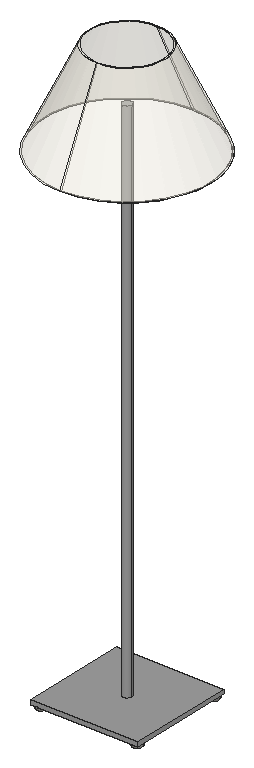
Revit family "M_Abajur de pé - De pé", category Luminárias, Revit 2019
Family settings
  Cota do conector redondo = Utilizar diâmetro
  Tipo de parte = Normal
  Número OmniClass = 23.80.70.11.11
  Título OmniClass = General Luminaries, Non Directional
  ID de item do Seek = Floor Lamp - Standup-0000-CAN-ENU
  Com base no plano de trabalho = Não
  Sempre na vertical = Sim
  Corte com vazios quando carregada = Não
  Fonte luminosa = Sim
  Compartilhado = Não
  Ponto de cálculo do ambiente = Não
Parameters (values of type "100W - 120V")
  Wattage = 100 W
  built-in parameter 1150110 = 1 (stored number, unit not read)
  built-in parameter 1114217 = 1 (stored number, unit not read)
  built-in parameter 1150109 = 1 (stored number, unit not read)
  built-in parameter 1150134 = 4
  built-in parameter 1150113 = 1 (stored number, unit not read)
  Tilt Angle = 90.00°
  Arquivo de rede fotométrica = "FLH1A19.IES"
  built-in parameter 1150115 = 1 (stored number, unit not read)
  built-in parameter 1150105 = 139.26 (stored number, unit not read)
  Classificação de carga = Iluminação - Unidade de interrupção
  built-in parameter 1150137 = 1
  built-in parameter 1150139 = (empty or 0)
  built-in parameter 1150112 = 1 (stored number, unit not read)
  built-in parameter 1150114 = 1 (stored number, unit not read)
  built-in parameter 1150132 = (empty or 0)
  built-in parameter 1150102 = (empty or 0)
  built-in parameter 1150138 = (empty or 0)
  built-in parameter 1150107 = 2800 (stored number, unit not read)
  built-in parameter 1150106 = 1.3926 (stored number, unit not read)
  built-in parameter 1150104 = 1.6258 (stored number, unit not read)
  Dimming Lamp Color Temperature Shift = (empty or 0)
  Color Filter = 16777215
  Voltagem do transformador = 120 V
  Transformador por número de postes = 1
  built-in parameter 1114218 = 1 (stored number, unit not read)
  built-in parameter 1150133 = 10 (stored number, unit not read)
  Código de montagem = "D5020220"
  Lâmpada = "A-19"
  Lumens = 1750 lm
  Sombra = Vidro, Jateado
  Suporte = Aço, Cromo polido
  Comentários de voltagem = "100"
  Carga aparente = 100 VA
Types (5, lengths in mm): name | Wattage | Arquivo de rede fotométrica | built-in parameter 1150105 | built-in parameter 1150106 | built-in parameter 1150104 | Voltagem do transformador | Lâmpada | Lumens | Comentários de voltagem | Carga aparente
  (no name) | 100 W | "FLH1A19.IES" | 139.26 (stored number, unit not read) | 1.3926 (stored number, unit not read) | 1.6258 (stored number, unit not read) | 120 V | "A-19" | 1750 lm | "100" | 100 VA
  100W - 120V | 100 W | "FLH1A19.IES" | 139.26 (stored number, unit not read) | 1.3926 (stored number, unit not read) | 1.6258 (stored number, unit not read) | 120 V | "A-19" | 1750 lm | "100" | 100 VA
  100W - 277V | 100 W | "FLH1A19.IES" | 139.26 (stored number, unit not read) | 1.3926 (stored number, unit not read) | 1.6258 (stored number, unit not read) | 277 V | "A-19" | 1750 lm | "100" | 100 VA
  150W - 277V | 150 W | "FLS1A21.IES" | 226.8 (stored number, unit not read) | 2.268 (stored number, unit not read) | 1.7652 (stored number, unit not read) | 277 V | "A-21" | 2850 lm | "150" | 150 VA
  150W - 120V | 150 W | "FLS1A21.IES" | 226.8 (stored number, unit not read) | 2.268 (stored number, unit not read) | 1.7652 (stored number, unit not read) | 120 V | "A-21" | 2850 lm | "150" | 150 VA
Reference planes
  plane 1 "Eixo de origem da luz": y = 0
  plane 2: z = 0
  plane 3 "Eixo de origem da luz": x = 0
  plane 4: y = 134.618
  plane 5 "Elevação da origem da luz": z = 1592.529
Forms (mm)
  Revolve 1, solid, material "Aço, Cromo polido" <- "Suporte"
    sketch origin (136.32, -210.458, 0) x (0, 1, 0) y (0, 0, 1)
      loop
        arc (349.625, 0) -> (358.596, 3.716) -> (362.312, 12.687) r 12.687
        line (362.312, 12.687) -> (349.625, 12.687) -> (349.625, 0)
      axis (346.516, 0) -> (346.516, 12.687)
    angle from -90 to 270
  Revolve 2, solid, material "Aço, Cromo polido" <- "Suporte"
    sketch origin (-136.032, -210.819, 0) x (0, 1, 0) y (0, 0, 1)
      loop
        arc (349.625, 0) -> (358.596, 3.716) -> (362.312, 12.687) r 12.687
        line (362.312, 12.687) -> (349.625, 12.687) -> (349.625, 0)
      axis (346.516, 0) -> (346.516, 12.687)
    angle from -90 to 270
  Revolve 3, solid, material "Aço, Cromo polido" <- "Suporte"
    sketch origin (-135.437, -482.706, 0) x (0, 1, 0) y (0, 0, 1)
      loop
        arc (349.625, 0) -> (358.596, 3.716) -> (362.312, 12.687) r 12.687
        line (362.312, 12.687) -> (349.625, 12.687) -> (349.625, 0)
      axis (346.516, 0) -> (346.516, 12.687)
    angle from -90 to 270
  Revolve 4, solid, material "Aço, Cromo polido" <- "Suporte"
    sketch origin (137.046, -482.111, 0) x (0, 1, 0) y (0, 0, 1)
      loop
        arc (349.625, 0) -> (358.596, 3.716) -> (362.312, 12.687) r 12.687
        line (362.312, 12.687) -> (349.625, 12.687) -> (349.625, 0)
      axis (346.516, 0) -> (346.516, 12.687)
    angle from -90 to 270
  Extrusion 5, solid, material "Aço, Cromo polido" <- "Suporte"
    sketch origin (0, 0, 0) x (1, 0, 0) y (0, 1, 0)
      loop
        line (-152.4, 152.4) -> (-152.4, -152.4) -> (152.4, -152.4) -> (152.4, 152.4) -> (-152.4, 152.4)
    from 12.687 to 24.964
  Extrusion 6, solid, material "Aço, Cromo polido" <- "Suporte"
    sketch origin (0, 0, 24.964) x (1, 0, 0) y (0, 1, 0)
      loop
        circle (0, 0) r 12.7
    from 0 to 1499.036
  Revolve 7, solid, material "Vidro, Jateado" <- "Sombra"
    sketch origin (0, 0, 0) x (0, 1, 0) y (0, 0, 1)
      loop
        line (108.573, 1674.186) -> (104.059, 1674.186) -> (233.338, 1403.575) -> (237.852, 1403.575) -> (108.573, 1674.186)
      axis (0, 1674.186) -> (0, 1403.575)
    angle from 0 to 360
Lines and regions (mm)
  Masking region 1
    outline origin (0, 0, 0) x (1, 0, 0) y (0, 1, 0)
      loop
        circle (0, 0) r 241.3
  symbolic lines
    curve 1: arc (241.3, 0, 0) -> (0, 241.3, 0) -> (-241.3, 0, 0) r 241.3
    curve 2: arc (-241.3, 0, 0) -> (0, -241.3, 0) -> (241.3, 0, 0) r 241.3
    curve 3: arc (107.315, 0, 0) -> (0, 107.315, 0) -> (-107.315, 0, 0) r 107.315
    curve 4: arc (-107.315, 0, 0) -> (0, -107.315, 0) -> (107.315, 0, 0) r 107.315
Dimensions and locks
  aligned and locked: Extrusion 6 to Extrusion 5
  aligned and locked: Masking region 1 sketch curve to curve 1
  aligned and locked: imposter light to plane 3 "Eixo de origem da luz"
  aligned and locked: plane 1 "Eixo de origem da luz" to imposter light
  aligned and locked: plane 5 "Elevação da origem da luz" to imposter light
Connectors
  electrical at (0, 0, 1524), driven by "Transformador por número de postes", driven by "Voltagem do transformador", driven by "Carga aparente", driven by "Classificação de carga"
    settings: on Extrusion 6, index 1, voltage 120 V, apparent load 0 VA, apparent load phase1 100 VA, apparent load phase2 0 VA, apparent load phase3 0 VA, power factor 0.95, load classification "Iluminação - Unidade de interrupção", number of poles 1, system type 31, power factor state 1, is connector primary yes, connector utility no, sub classification motor no, connector description ""
